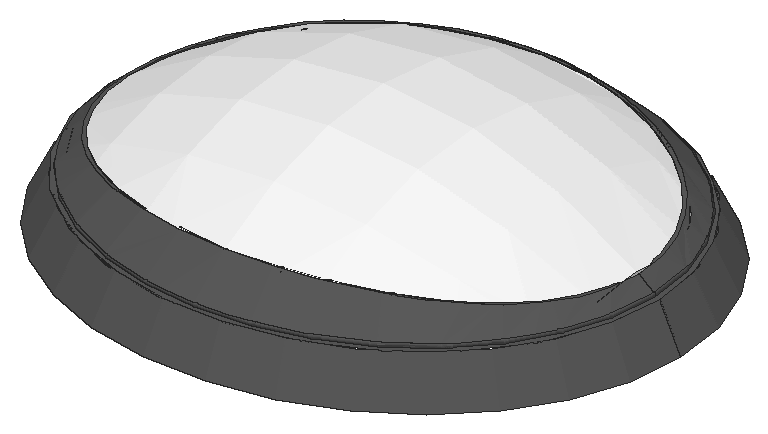
Revit family "4063813 Feilo Sylvania Lighting Fixtures BRIO IP65VR LED 4K BLK G2", category Lighting Fixtures, host Face, Revit 2017
Family settings
  Host = Face
  Round Connector Dimension = Use Diameter
  Part Type = Normal
  OmniClass Number = 23.80.70.00
  OmniClass Title = Lighting
  Cut with Voids When Loaded = No
  Light Source = Yes
  Shared = No
  Room Calculation Point = No
Parameters (values of type "4063813 BRIO IP65VR LED 4K BLK G2 High Output High Output")
  Weight = "3.0 kg"
  Wattage Comments = "n/a"
  Wattage = 17 W
  WarrantyStartDate [instance] = "n/a"
  WarrantyGuarantorParts = "n/a"
  WarrantyDurationUnit = "n/a"
  WarrantyDurationParts = "n/a"
  WarrantyDescription = "n/a"
  built-in parameter 1150110 = 1 (stored number, unit not read)
  Voltage = 230 V
  URL = "http://www.sylvania-lighting.com"
  TypeName = "BRIO IP65VR LED 4K BLK G2"
  Type Image = <None>
  Type Comments = "n/a"
  built-in parameter 1114217 = 1 (stored number, unit not read)
  Tilt Angle = -90.00°
  built-in parameter 1150109 = 1 (stored number, unit not read)
  built-in parameter 1150134 = 12
  built-in parameter 1150113 = 1 (stored number, unit not read)
  SerialNumber [instance] = "n/a"
  ReflectorMaterial = none
  PowerFactor = 0.98
  PowerConsumption = "17 W"
  Photometric Web File = "4063813-HO.ies"
  NominalLength = 104 mm
  NominalHeight = 440 mm
  NominalDepth = 390 mm
  Name = "BRIO IP65VR LED 4K BLK G2"
  ModelReference = Name  # "BRIO IP65VR LED 4K BLK G2"
  ModelNumber = "4063813"
  Model = Name  # "BRIO IP65VR LED 4K BLK G2"
  Material = "aluminium body, polycarbonate diffuser"
  ManufacturerName = "Feilo Sylvania"
  Manufacturer = "Feilo Sylvania"
  LuminousEfficacy = "81 lm/W"
  built-in parameter 1150105 = 109.58 (stored number, unit not read)
  Lumens = 1377 lm
  LuminaireType = ""
  built-in parameter 1150115 = 1 (stored number, unit not read)
  LightOutputRatio = "100"
  built-in parameter 1150137 = (empty or 0)
  built-in parameter 1150139 = (empty or 0)
  LampsType = Lamp  # "LED"
  LampNominalLuminous = "1371 lm"
  LampMacAdamStep = "n/a"
  LampColourTemperature = "4000 K"
  LampColourRenderingIndex = "80"
  built-in parameter 1150112 = 1 (stored number, unit not read)
  built-in parameter 1150114 = 1 (stored number, unit not read)
  Lamp = "LED"
  Keynote = "16500"
  InstallationDate [instance] = "n/a"
  InputVoltage = "230-240V~"
  InputNominalFrequency = "50/60 Hz"
  built-in parameter 1150132 = (empty or 0)
  built-in parameter 1150102 = (empty or 0)
  built-in parameter 1150107 = 4000 (stored number, unit not read)
  built-in parameter 1150138 = (empty or 0)
  IngressProtection = "IP65"
  ImpactProtectionIndex = "IK10"
  built-in parameter 1150106 = 1.0958 (stored number, unit not read)
  IfcExportType = "IfcLightFixtureType"
  IfcExportAs = "IfcLightFixtureType"
  ExpectedLife = 50000
  Emit from Circle Diameter = 300 mm
  Emit Shape Visible in Rendering = no
  ElectricShockClassification = "Class I"
  built-in parameter 1150104 = 7.5251 (stored number, unit not read)
  DurationUnit = "hours"
  DocumentationLiterature = "http://www.sylvania-lighting.com/product/en-int/products/4063813"
  DimmingControlOptions = "n/a"
  Dimming Lamp Color Temperature Shift = <None>
  DiffuserMaterial = Diffuser-Sylvania-BrioIP65VR-Opal
  Description = "Led exterior bulkhead, Unique feature allowing a choice between High Output or High Efficiency with the flick of a switch, die-cast aluminium body,  vandal resistant, 717/1371LM, 9/17W, 80/81lm/W, 4000K, Driver Current: 350/750mA, CRI80, Non dimmable, IP55,IK10, 50,000hrs (L70), (HxWxD) 358 x 408 x 104mm,  3kg, 3 step MacAdam ellipse,  RAL 9005, Class 1, 230V,  energy class: A++, A+, A"
  Default Elevation = 1219.2 mm
  CreatedOn = "23/11/2017"
  CreatedBy = ""
  Cost = 0
  Color Filter = 16777215
  built-in parameter 1114216 [instance] = (empty or 0)
  ClassificationValue = "EF_70_80"
  ClassificationName = "Uniclass2015"
  BodyMaterial = Body-Sylvania-BrioIP65VR-Black
  BarCode [instance] = "n/a"
  built-in parameter 1114218 = 1 (stored number, unit not read)
  built-in parameter 1150133 = 10 (stored number, unit not read)
  AssetType = "Fixed"
  AssetIdentifier [instance] = "n/a"
  Assembly Code = "D5020200"
  Apparent Load = 17 VA
  AccessoryMaterial = none
Types (2, lengths in mm): name | Wattage | PowerConsumption | Photometric Web File | built-in parameter 1150105 | Lumens | LampNominalLuminous | built-in parameter 1150106 | Apparent Load
  4063813 BRIO IP65VR LED 4K BLK G2 High Output High Output | 17 W | "17 W" | "4063813-HO.ies" | 109.58 (stored number, unit not read) | 1377 lm | "1371 lm" | 1.0958 (stored number, unit not read) | 17 VA
  4063813 BRIO IP65VR LED 4K BLK G2 High Efficiency High Efficiency | 9 W | "9 W" | "4063813-HE.ies" | 58.012 (stored number, unit not read) | 729 lm | "717 lm" | 0.58012 (stored number, unit not read) | 9 VA
Reference planes
  plane 1 "Center (Front/Back)": y = 0
  plane 2: z = 0
  plane 3 "Center (Left/Right)": x = 0
  plane 4: x = 220
  plane 5: x = -220
  plane 6: y = 195
  plane 7: y = -195
  plane 8: z = 104
  plane 9: z = 32.5
  plane 10: z = 60
  plane 11: x = -172.7
  plane 12: x = -203.7
  plane 13: z = 45
  plane 14: y = -147.7
  plane 15: y = 147.7
  plane 16: z = 58.9
  plane 17: y = 146.8
  plane 18: y = -146.8
  plane 19: y = -148.7
  plane 20: y = 148.7
  plane 21: x = -193.7
Forms (mm)
  Blend 1, solid, material "Body-Sylvania-BrioIP65VR-Black" <- "BodyMaterial"
    base sketch origin (0, 0, 0) x (1, 0, 0) y (0, 1, 0)
      loop
        spline (-220, 0) -> (-212.504, -50.47) -> (-190.526, -97.5) -> (-155.563, -137.886) -> (-110, -168.875) -> (-56.94, -188.356) -> (0, -195) -> (56.94, -188.356) -> (110, -168.875) -> (155.563, -137.886) -> (190.526, -97.5) -> (212.504, -50.47) -> (220, 0)
        spline (220, 0) -> (212.504, 50.47) -> (190.526, 97.5) -> (155.563, 137.886) -> (110, 168.875) -> (56.94, 188.356) -> (0, 195) -> (-56.94, 188.356) -> (-110, 168.875) -> (-155.563, 137.886) -> (-190.526, 97.5) -> (-212.504, 50.47) -> (-220, 0)
    top sketch origin (0, 0, 0) x (1, 0, 0) y (0, 1, 0)
      loop
        spline (-203.75, 0) -> (-196.807, -46.329) -> (-176.453, -89.5) -> (-144.073, -126.572) -> (-101.875, -155.019) -> (-52.734, -172.901) -> (0, -179) -> (52.734, -172.901) -> (101.875, -155.019) -> (144.073, -126.572) -> (176.453, -89.5) -> (196.807, -46.329) -> (203.75, 0)
        spline (203.75, 0) -> (196.807, 46.329) -> (176.453, 89.5) -> (144.073, 126.572) -> (101.875, 155.019) -> (52.734, 172.901) -> (0, 179) -> (-52.734, 172.901) -> (-101.875, 155.019) -> (-144.073, 126.572) -> (-176.453, 89.5) -> (-196.807, 46.329) -> (-203.75, 0)
    from 0 to 32.5
  Sweep 2, solid, material "Body-Sylvania-BrioIP65VR-Black" <- "BodyMaterial"
    path in 3D
      loop
        spline (203.75, 0, 32.5) -> (196.807, -46.329, 32.5) -> (176.453, -89.5, 32.5) -> (144.073, -126.572, 32.5) -> (101.875, -155.019, 32.5) -> (52.734, -172.901, 32.5) -> (0, -179, 32.5) -> (-52.734, -172.901, 32.5) -> (-101.875, -155.019, 32.5) -> (-144.073, -126.572, 32.5) -> (-176.453, -89.5, 32.5) -> (-196.807, -46.329, 32.5) -> (-203.75, 0, 32.5)
        spline (-203.75, 0, 32.5) -> (-196.807, 46.329, 32.5) -> (-176.453, 89.5, 32.5) -> (-144.073, 126.572, 32.5) -> (-101.875, 155.019, 32.5) -> (-52.734, 172.901, 32.5) -> (0, 179, 32.5) -> (52.734, 172.901, 32.5) -> (101.875, 155.019, 32.5) -> (144.073, 126.572, 32.5) -> (176.453, 89.5, 32.5) -> (196.807, 46.329, 32.5) -> (203.75, 0, 32.5)
    profile origin (-203.75, 0, 32.5) x (-1, 0, 0) y (0, 0, 1)
      loop
        line (-31.05, 27.5) -> (-32.113, 26.437) -> (-10.05, 6.897) -> (-10.05, 1.5) -> (-31.05, 1.5) -> (-31.05, 0) -> (-5.172, 0)
        arc (-5.172, 0) -> (-3.338, 1.266) -> (-3.872, 3.429) r 1.961
        line (-3.872, 3.429) -> (-31.05, 27.5)
  Extrusion 3, void
    sketch origin (0, 0, 0) x (0, 1, 0) y (0, 0, 1)
      loop
        arc (-148.7, 60) -> (0, 45) -> (148.7, 60) r 744.556
        line (148.7, 60) -> (-148.7, 60)
    from -220 to 220
  Sweep 4, solid, material "Diffuser-Sylvania-BrioIP65VR-Opal" <- "DiffuserMaterial"
    path in 3D
      loop
        arc (0, 146.8, 58.9) -> (0, 0, 104) -> (0, -146.8, 58.9) r 261.466
    profile origin (0, 0, 104) x (0, 0, -1) y (1, 0, 0)
      loop
        line (59, -187.374) -> (61.459, -185.655)
        arc (61.459, -185.655) -> (3, 0) -> (61.459, 185.655) r 324.034
        line (61.459, 185.655) -> (59, 187.374)
        arc (59, 187.374) -> (0, 0) -> (59, -187.374) r 327.034
  Extrusion 5, void
    sketch origin (0, 0, 0) x (1, 0, 0) y (0, 1, 0)
      loop
        spline (-193.7, 0) -> (-187.1, -38.486) -> (-167.749, -74.35) -> (-136.967, -105.147) -> (-96.85, -128.778) -> (-50.133, -143.633) -> (0, -148.7) -> (50.133, -143.633) -> (96.85, -128.778) -> (136.967, -105.147) -> (167.749, -74.35) -> (187.1, -38.486) -> (193.7, 0)
        spline (193.7, 0) -> (187.1, 38.486) -> (167.749, 74.35) -> (136.967, 105.147) -> (96.85, 128.778) -> (50.133, 143.633) -> (0, 148.7) -> (-50.133, 143.633) -> (-96.85, 128.778) -> (-136.967, 105.147) -> (-167.749, 74.35) -> (-187.1, 38.486) -> (-193.7, 0)
      loop
        line (-203.7, 195) -> (-203.7, -195) -> (220, -195) -> (220, 195) -> (-203.7, 195)
    from 0 to 60
Cuts and joins
  Extrusion 3 cuts Sweep 2
  Extrusion 5 cuts Sweep 4
Lines and regions (mm)
  sketch lines
    curve 1: spline (-203.75, 0, 32.5) -> (-196.807, 46.329, 32.5) -> (-176.453, 89.5, 32.5) -> (-144.073, 126.572, 32.5) -> (-101.875, 155.019, 32.5) -> (-52.734, 172.901, 32.5) -> (0, 179, 32.5) -> (52.734, 172.901, 32.5) -> (101.875, 155.019, 32.5) -> (144.073, 126.572, 32.5) -> (176.453, 89.5, 32.5) -> (196.807, 46.329, 32.5) -> (203.75, 0, 32.5)
    curve 2: spline (203.75, 0, 32.5) -> (196.807, -46.329, 32.5) -> (176.453, -89.5, 32.5) -> (144.073, -126.572, 32.5) -> (101.875, -155.019, 32.5) -> (52.734, -172.901, 32.5) -> (0, -179, 32.5) -> (-52.734, -172.901, 32.5) -> (-101.875, -155.019, 32.5) -> (-144.073, -126.572, 32.5) -> (-176.453, -89.5, 32.5) -> (-196.807, -46.329, 32.5) -> (-203.75, 0, 32.5)
    curve 4: arc (0, 146.8, 58.9) -> (0, 0, 104) -> (0, -146.8, 58.9) r 261.466
  reference lines
    curve 3: arc (0, 146.8, 58.9) -> (0, 0, 104) -> (0, -146.8, 58.9) r 261.466
Dimensions and locks
  equal spacing: plane 5, plane 3 "Center (Left/Right)", plane 4
  locked: plane 5 to plane 4 at 440
  equal spacing: plane 7, plane 1 "Center (Front/Back)", plane 6
  locked: plane 7 to plane 6 at 390
  locked: plane 8 to plane 2 at 104
  plane 9 to plane 2 = 32.5 mm
  locked: Blend 1 sketch curve to Blend 1 sketch curve at 195
  locked: Blend 1 sketch curve to Blend 1 sketch curve at 220
  locked: Blend 1 sketch curve to Blend 1 sketch curve at 203.75
  locked: Blend 1 sketch curve to Blend 1 sketch curve at 179
  locked: plane 10 to plane 9 at 27.5
  locked: plane 12 to plane 5 at 16.3
  locked: plane 11 to plane 5 at 47.3
  locked: plane 10 to plane 13 at 15
  equal spacing: plane 14, plane 1 "Center (Front/Back)", plane 15
  locked: plane 7 to plane 14 at 47.3
  locked: Sweep 2 sketch curve to Sweep 2 sketch curve at 1.5
  locked: Sweep 2 sketch curve to plane 9 at 1.5
  locked: plane 16 to plane 10 at 1.1
  equal spacing: plane 18, plane 1 "Center (Front/Back)", plane 17
  locked: plane 14 to plane 18 at 0.9
  locked: plane 2 to curve 3 at 157.466
  equal spacing: plane 19, plane 1 "Center (Front/Back)", plane 20
  locked: plane 19 to plane 14 at 1
  locked: Extrusion 3 sketch curve to plane 2 at 789.556
  locked: plane 21 to plane 12 at 10
  aligned and locked: plane 2 to host face
  aligned and locked: level to host face
  aligned and locked: plane 3 "Center (Left/Right)" to Blend 1 sketch curve  (x2)
  aligned and locked: plane 1 "Center (Front/Back)" to Blend 1 sketch curve  (x4)
  aligned and locked: Blend 1 to plane 9
  aligned and locked: Sweep 2 sketch curve to profile plane
  aligned and locked: plane 4 to Extrusion 3
  aligned and locked: plane 10 to Sweep 2 sketch curve
  aligned and locked: plane 17 to curve 3
  aligned and locked: plane 16 to curve 3  (x2)
  aligned and locked: plane 18 to curve 3
  aligned and locked: plane 13 to Sweep 4 sketch curve
  aligned and locked: plane 10 to Extrusion 3 sketch curve
  aligned and locked: plane 20 to Extrusion 3 sketch curve
  aligned and locked: plane 19 to Extrusion 3 sketch curve
  aligned and locked: plane 1 "Center (Front/Back)" to Extrusion 3 sketch curve
  aligned and locked: Extrusion 3 to plane 5
  aligned and locked: imposter light to plane 8
  aligned and locked: plane 3 "Center (Left/Right)" to imposter light
  aligned and locked: imposter light to plane 1 "Center (Front/Back)"
  aligned and locked: plane 21 to Sweep 2 sketch curve
  aligned and locked: Sweep 2 sketch curve to plane 21
  aligned and locked: plane 3 "Center (Left/Right)" to Extrusion 5 sketch curve
  aligned and locked: plane 1 "Center (Front/Back)" to Extrusion 5 sketch curve  (x2)
  aligned and locked: plane 6 to Extrusion 5 sketch curve
  aligned and locked: Extrusion 5 sketch curve to plane 7
  aligned and locked: Extrusion 5 sketch curve to plane 4
  aligned and locked: plane 12 to Extrusion 5 sketch curve
  aligned and locked: Extrusion 5 to level
  aligned and locked: Extrusion 5 to plane 10
Automatic sketch dimensions
  host sketch curve to host sketch curve = 2438.4 mm  (x2)
  Sweep 4 sketch curve to Sweep 4 sketch curve = 0 mm  (x2)
  Sweep 4 sketch curve to profile plane = 0 mm
  Sweep 4 sketch curve to Sweep 4 sketch curve = 2.459 mm  (x2)
  Sweep 4 sketch curve to Sweep 4 sketch curve = 265.575 mm
  Sweep 4 sketch curve to profile plane = 185.655 mm
  Sweep 4 sketch curve to Sweep 4 sketch curve = 1.719 mm
  Sweep 4 sketch curve to profile plane = 59 mm
  Sweep 2 sketch curve to Sweep 2 sketch curve = 21 mm
  Sweep 2 sketch curve to Sweep 2 sketch curve = 0 mm
  profile plane to Sweep 2 sketch curve = 26.437 mm
  Sweep 2 sketch curve to Sweep 2 sketch curve = 1.063 mm
  profile plane to Sweep 2 sketch curve = 1.961 mm
  profile plane to Sweep 2 sketch curve = 3.429 mm
  Extrusion 5 sketch curve to plane 21 = 0 mm
Connectors
  electrical at (0, 0, 0), driven by "Apparent Load", driven by "PowerFactor", driven by "Voltage"
    settings: index 1, voltage 230 V, apparent load 17 VA, apparent load phase1 0 VA, apparent load phase2 0 VA, apparent load phase3 0 VA, power factor 0.98, load classification "Lighting", number of poles 1, system type 30, power factor state 1, is connector primary yes, connector utility no, sub classification motor no, connector description ""
